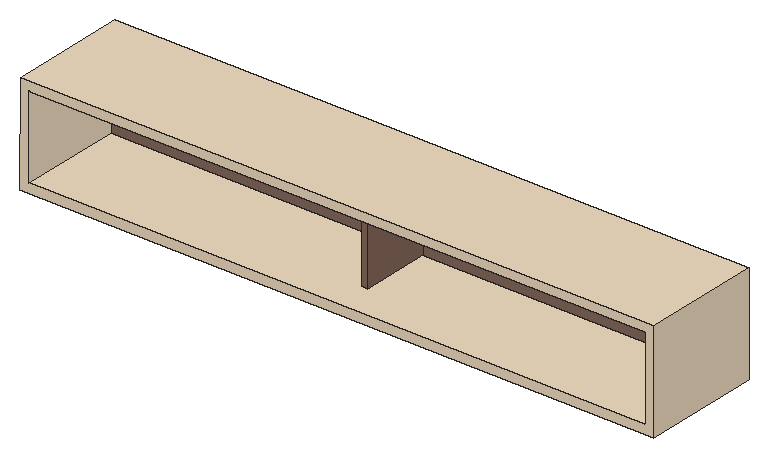
Revit family "Accesories-Teknion-CEAWC-Wall_Mounted_Cubby-Expansion_Casework+-R2023", category Furniture, Revit 2023
Family settings
  OmniClass Number = 23.40.20.00
  OmniClass Title = General Furniture and Specialties
  Work Plane-Based = No
  Enable Cutting in Views = No
  Always vertical = Yes
  Cut with Voids When Loaded = No
  Render Appearance Source = Family Geometry
  Shared = Yes
  Room Calculation Point = No
Parameters (values of type "Wall Mounted Cubby")
  Width [instance] = 76.000"
  Warranty = "http://www.teknion.com/ca/papers/legal-canada"
  Available Height [instance] = "9 & 12 Inches"  # constant formula
  Available Depth [instance] = "9, 12 & 15 Inches"  # constant formula
  72+ [instance] = Width > 72.500"  # yes
  Unit Weight URL = "http://www.teknion.com/ca/tools/assets#&asset=bee6a381-b954-425e-8283-5a2de3a804f2,f828d448-4b62-4231-9e5f-9a8991c0ed77"
  URL = "www.teknion.com"
  To render please download texture images found here [instance] = "https://assets.teknion.com/web/5e81352c1dfdb467/revit-material-swatches/"
  Sustainability Data = "https://www.teknion.com/ca/tools/assets#&topic=216f99a5-57a0-44fc-b10a-9dee9b29ae4c&asset=444deb64-fe58-4b68-981e-f75e97781df7,b4ff2d81-9f2e-437d-9659-7cffb09c31cf"
  Back Panel Finish [instance] = Veneer-Teknion-UK-Natural_Veneer_V2-Medium_Dark_Cherry
  Shelf Finish [instance] = Source Laminate - Teknion - XM - Maple
  Series = "Accesories"  # constant formula
  Product Page URL = "https://www.teknion.com/ca/products/product-details?productLineId=30ca1270-8e7a-673b-a6c8-ff05004460c4"
  Product Line = "Exapnsion Casework +"  # constant formula
  Product Documentation Link = "http://www.teknion.com/pricingguides/Casework/pdfs/CEAWS_ppg.pdf"
  Part Number = "CEAWC"  # constant formula
  Model = "CEAWC_"
  Manufacturer Phone = "416-661-3370"  # constant formula
  Manufacturer Fax = "416.661.4586"  # constant formula
  Manufacturer Contact Information = "http://www.teknion.com/ca/contactus"
  Manufacturer Address = "1150 Flint Road, Toronto, ON. M3J 2J5. Canada"  # constant formula
  Manufacturer = "Teknion"  # constant formula
  How To Use Teknion Materials User Guide [instance] = "https://assets.teknion.com/m/205dd0a49fa58060/original/How-to-add-a-Material-Library-and-Texture-Images-to-your-Revit-project.pdf"
  Height [instance] = 12.000"
  For Additional Finishes please visit [instance] = "https://assets.teknion.com/m/44a8009b046e5d47/original/Teknion_Materials_Library.zip"
  Description = "Wall Mounted Cubby"  # constant formula
  Depth [instance] = 15.000"
  Default Elevation = 0.000"
  Available Width [instance] = "36, 39, 42, 45, 48, 51, 54, 57, 60, 63, 66, 69, 72, 75, 78, 81, 84, 87 & 90 Inches"  # constant formula
  Assembly Code = "E2020200"
Reference planes (in)
  plane 1 "Center Front/Back": y = 0
  plane 2: z = 0
  plane 3 "Center Left/Right": x = 0
  plane 4 "Left": x = -38
  plane 5 "Right": x = 38
  plane 6 "Back": y = 7.5
  plane 7 "Front": y = -7.5
  plane 8 "Top": z = 56
Forms (in)
  Sweep 1, solid, material "Source Laminate - Teknion - XM - Maple" <- "Shelf Finish"
    path origin (0, 0, 0) x (1, 0, 0) y (0, 0, 1)
      loop
        line (-38, 56) -> (-38, 44) -> (38, 44) -> (38, 56) -> (-38, 56)
    profile origin (0, 0, 56) x (0, 0, 1) y (0, -1, 0)
      loop
        line (0, -6.66142) -> (0, 7.5) -> (-1.01575, 7.5) -> (-1.01575, -6.66142) -> (0, -6.66142)
  Sweep 2, solid, material "Veneer-Teknion-UK-Natural_Veneer_V2-Medium_Dark_Cherry" <- "Back Panel Finish"
    path origin (0, 0, 0) x (1, 0, 0) y (0, 0, 1)
      loop
        line (0, 54.98425) -> (0, 45.01575)
    profile origin (0, 0, 50) x (0, -1, 0) y (1, 0, 0)
      loop
        line (-5.54331, 36.98425) -> (-5.54331, -36.98425) -> (-4.84252, -36.98425) -> (-4.84252, 36.98425) -> (-5.54331, 36.98425)
  Sweep 3, solid, material "Veneer-Teknion-UK-Natural_Veneer_V2-Medium_Dark_Cherry" <- "Back Panel Finish", visible <- "72+"
    path origin (0, 0, 0) x (1, 0, 0) y (0, 0, 1)
      loop
        line (0, 54.98425) -> (0, 45.01575)
    profile origin (0, 0, 50) x (0, -1, 0) y (1, 0, 0)
      loop
        line (-4.84252, -0.35039) -> (3.38748, -0.35039) -> (3.38748, 0.35039) -> (-4.84252, 0.35039) -> (-4.84252, -0.35039)
Lines and regions (in)
  Masking region 1
    outline origin (0, 0, 0) x (1, 0, 0) y (0, 1, 0)
      loop
        line (-38, -7.5) -> (38, -7.5) -> (38, 7.5) -> (-38, 7.5) -> (-38, -7.5)
  reference lines
    curve 1: line (-38, 7.5, 0) -> (38, 7.5, 0)
    curve 2: line (-38, -7.5, 0) -> (-38, 7.5, 0)
    curve 3: line (38, -7.5, 0) -> (-38, -7.5, 0)
    curve 4: line (38, 7.5, 0) -> (38, -7.5, 0)
  symbolic lines, style "FurnitureHiddenLines"
    curve 5: line (36.98425, 5.54331, 0) -> (-36.98425, 5.54331, 0)
    curve 6: line (-36.98425, 4.84252, 0) -> (36.98425, 4.84252, 0)
    curve 7: line (-36.98425, -7.5, 0) -> (-36.98425, 7.5, 0)
    curve 8: line (36.98425, 7.5, 0) -> (36.98425, -7.5, 0)
  symbolic lines, style "FurnitureHiddenLines", visible <- "72+"
    curve 9: line (-0.35039, 4.84252, 0) -> (-0.35039, -3.38748, 0)
    curve 10: line (-0.35039, -3.38748, 0) -> (0.35039, -3.38748, 0)
    curve 11: line (0.35039, -3.38748, 0) -> (0.35039, 4.84252, 0)
Dimensions and locks (in)
  "Width": plane 4 "Left" to plane 5 "Right"
  "Depth": plane 6 "Back" to plane 7 "Front"
  plane 8 "Top" to Sweep 1 = 12.000"
  equal spacing: plane 4 "Left", plane 3 "Center Left/Right", plane 5 "Right"
  equal spacing: plane 6 "Back", plane 1 "Center Front/Back", plane 7 "Front"
  "Height": plane 8 "Top" to Sweep 1 sketch curve
  locked: plane 8 "Top" to Sweep 1 sketch curve at 1.01575
  locked: plane 6 "Back" to Sweep 1 sketch curve at 0.83858
  locked: plane 8 "Top" to Sweep 2 sketch curve at 1.01575
  locked: Sweep 3 sketch curve to Sweep 2 at 8.23
  plane 6 "Back" to Sweep 2 sketch curve to Sweep 2 sketch curve = 1.95669" locked, 0.70079" locked
  Sweep 3 sketch curve to plane 3 "Center Left/Right" to Sweep 3 sketch curve = 0.35039" locked, 0.35039" locked
  aligned and locked: level to plane 2
  aligned and locked: plane 4 "Left" to nested 1
  aligned and locked: nested 1 to plane 6 "Back"
  aligned and locked: nested 2 to plane 6 "Back"
  aligned and locked: nested 2 to plane 5 "Right"
  aligned and locked: Sweep 1 sketch curve to plane 8 "Top"  (x2)
  aligned and locked: plane 5 "Right" to Sweep 1 sketch curve
  aligned and locked: plane 4 "Left" to Sweep 1 sketch curve
  aligned and locked: Sweep 1 sketch curve to plane 7 "Front"
  aligned and locked: Sweep 2 sketch curve to plane 3 "Center Left/Right"
  aligned and locked: Sweep 1 to Sweep 2 sketch curve  (x5)
  aligned and locked: Sweep 1 to Sweep 3 sketch curve  (x2)
  aligned and locked: Sweep 3 sketch curve to plane 3 "Center Left/Right"
  aligned and locked: Sweep 2 to Sweep 3 sketch curve
  aligned and locked: Sweep 3 sketch curve to Sweep 2
  aligned and locked: curve 1 to plane 6 "Back"
  aligned and locked: curve 2 to plane 4 "Left"
  aligned and locked: curve 3 to Sweep 1
  aligned and locked: curve 4 to Sweep 1
  aligned and locked: curve 5 to Sweep 2
  aligned and locked: curve 6 to Sweep 2
  aligned and locked: curve 7 to Sweep 1
  aligned and locked: curve 8 to Sweep 1
  aligned and locked: curve 9 to Sweep 3
  aligned and locked: curve 10 to Sweep 3
  aligned and locked: curve 11 to Sweep 3
  aligned and locked: Masking region 1 sketch curve to curve 2
  aligned and locked: Masking region 1 sketch curve to curve 1
  aligned and locked: Masking region 1 sketch curve to curve 4
  aligned and locked: Masking region 1 sketch curve to curve 3
  aligned and locked: plane 6 "Back" to curve 7
  aligned and locked: plane 6 "Back" to curve 8
Automatic sketch dimensions
  curve 3 to plane 5 "Right" = 0.000"
  plane 7 "Front" to curve 3 = 0.000"
  plane 7 "Front" to curve 7 = 0.000"
  plane 7 "Front" to curve 8 = 0.000"
  plane 4 "Left" to curve 7 = 1.01575"
Nested families (in)
  nested 1: "Teknion_2D_Node_Family-R2021" at (-38, 7.5, 0), type "Teknion_2D_Node_Family-R2021"
  nested 2: "Teknion_2D_Node_Family-R2021" at (38, 7.5, 0), type "Teknion_2D_Node_Family-R2021"
Definition of nested family "Teknion_2D_Node_Family-R2021"
  Reference planes (in)
    plane 1 "Center (Front/Back)": y = 0
    plane 2: z = 0
    plane 3 "Center (Left/Right)": x = 0
  Lines and regions (in)
    detail lines, in view "Ref. Level"
      curve 1: circle (0, 0, 0) r 1.25 normal (0, 0, 1)
      curve 2: line (1.91508, -1.91508, 0) -> (-1.91508, 1.91508, 0)
      curve 3: line (-1.91508, -1.91508, 0) -> (1.91508, 1.91508, 0)
